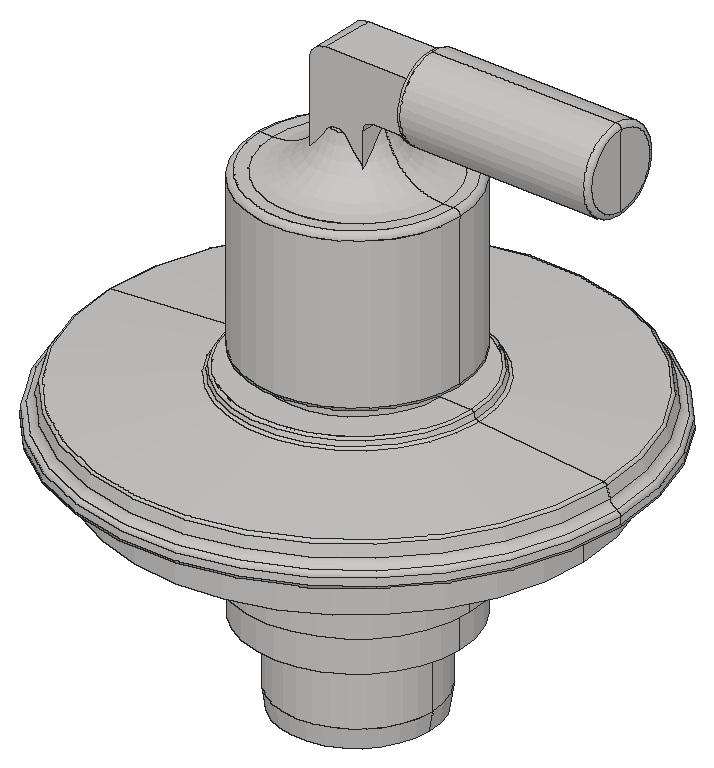
Revit family "fgt11948_bim", category Plumbing Fixtures, host Face, Revit 2014
Parameters (values of type "Standard")
  Width = 4 65/128"  # constant formula
  Vent Connection = no
  URL = ""
  Manufacturer = ""
  Faucet Material = Metal - Delta - Stainless-Steel
  Model = "fgt11948"  # constant formula
  Height = 3 7/16"  # constant formula
  Description = "Faucet"  # constant formula
  Depth = 4 33/64"  # constant formula
  Default Elevation = 0"
Reference planes (in)
  plane 1 "Center (Front/Back)": y = 0
  plane 2: z = 0
  plane 3 "Center (Left/Right)": x = 0
  plane 4: y = 2.25781
  plane 5: y = -2.25781
  plane 6: x = 10.125
  plane 7: x = -2.25391
  plane 8: x = 2.25391
  plane 9: z = 3.4375
Forms (in)
  Revolve 1, solid, material "Metal - Delta - Stainless-Steel" <- "Faucet Material"
    sketch origin (0, 0, 0) x (1, 0, 0) y (0, 0, 1)
      loop
        line (-1.93156, 0) -> (-1.75, 0) -> (-1.75, 0.59874) -> (0, 0.59874) -> (0, 2.74495) -> (-0.19968, 2.74495)
        arc (-0.19968, 2.74495) -> (-0.22407, 2.73609) -> (-0.23708, 2.71363) r 0.03799
        arc (-0.23708, 2.71363) -> (-0.40686, 2.42046) -> (-0.72526, 2.30473) r 0.49588
        line (-0.72526, 2.30473) -> (-0.82431, 2.30473)
        arc (-0.82431, 2.30473) -> (-0.85985, 2.29) -> (-0.87458, 2.25446) r 0.05026
        line (-0.87458, 2.25446) -> (-0.87458, 0.98268)
        arc (-0.87458, 0.98268) -> (-0.86647, 0.96311) -> (-0.8469, 0.955) r 0.02768
        line (-0.8469, 0.955) -> (-0.69886, 0.955) -> (-0.69886, 0.82) -> (-0.97001, 0.82)
        arc (-0.97001, 0.82) -> (-0.98488, 0.81538) -> (-0.99451, 0.80316) r 0.02625
        line (-0.99451, 0.80316) -> (-1.00849, 0.76674)
        arc (-1.00849, 0.76674) -> (-1.01821, 0.7541) -> (-1.03326, 0.74882) r 0.02797
        arc (-1.03326, 0.74882) -> (-1.565, 0.71472) -> (-2.0954, 0.66385) r 16.88153
        arc (-2.0954, 0.66385) -> (-2.11034, 0.65742) -> (-2.11918, 0.64376) r 0.02797
        line (-2.11918, 0.64376) -> (-2.1455, 0.55196)
        arc (-2.1455, 0.55196) -> (-2.16789, 0.51421) -> (-2.2059, 0.49228) r 0.08663
        arc (-2.2059, 0.49228) -> (-2.22925, 0.47728) -> (-2.23984, 0.45162) r 0.04635
        line (-2.23984, 0.45162) -> (-2.24506, 0.3919)
        arc (-2.24506, 0.3919) -> (-2.23985, 0.37653) -> (-2.225, 0.37) r 0.02014
        line (-2.225, 0.37) -> (-1.93156, 0.37) -> (-1.93156, 0)
      loop
        line (-0.52971, 0.53276) -> (-0.52971, -0.06141) -> (-0.49688, -0.10829) -> (-0.49688, -0.168) -> (-0.55699, -0.168) -> (-0.61838, -0.22939) -> (-0.61838, -0.39192)
        arc (-0.61838, -0.39192) -> (-0.64945, -0.46693) -> (-0.72447, -0.498) r 0.10608
        line (-0.72447, -0.498) -> (-0.95971, -0.498) -> (-0.95971, -0.728) -> (-0.87289, -0.728) -> (-0.87289, -1.04614) -> (-0.63965, -1.04614) -> (-0.63965, -1.596) -> (-0.61838, -1.755) -> (-0.45729, -1.755) -> (-0.45729, 0.53276) -> (-0.52971, 0.53276)
      axis (0, 2.74495) -> (0, -1.755)
    angle from 0 to 360
  Revolve 2, solid, material "Metal - Delta - Stainless-Steel" <- "Faucet Material"
    sketch origin (0, 0, 0) x (1, 0, 0) y (0, 0, 1)
      loop
        line (-0.56102, -1.91152) -> (-0.52123, -1.926) -> (-0.44527, -1.926) -> (-0.44527, -1.755) -> (-0.56102, -1.755) -> (-0.56102, -1.91152)
      axis (-0.44527, -1.755) -> (-0.44527, -1.926)
    angle from 0 to 360
  Extrusion 3, solid, material "Metal - Delta - Stainless-Steel" <- "Faucet Material"
    sketch origin (0, 0, 0) x (1, 0, 0) y (0, 0, 1)
      loop
        line (0.64235, 3.31295) -> (-0.08302, 3.31295)
        arc (-0.08302, 3.31295) -> (-0.18321, 3.27145) -> (-0.22471, 3.17126) r 0.14169
        line (-0.22471, 3.17126) -> (-0.22471, 2.4948) -> (0.23252, 2.4948) -> (0.23252, 2.79004)
        arc (0.23252, 2.79004) -> (0.25388, 2.8416) -> (0.30543, 2.86295) r 0.07291
        line (0.30543, 2.86295) -> (0.64235, 2.86295) -> (0.64235, 3.31295)
    from -0.22187 to 0.22813
  Revolve 4, solid, material "Metal - Delta - Stainless-Steel" <- "Faucet Material"
    sketch origin (0, 0, 0) x (1, 0, 0) y (0, 0, 1)
      loop
        arc (0.64366, 3.4375) -> (0.61512, 3.42568) -> (0.60329, 3.39713) r 0.04037
        line (0.60329, 3.39713) -> (0.60329, 3.08795) -> (2.24329, 3.08795) -> (2.24329, 3.3974)
        arc (2.24329, 3.3974) -> (2.23155, 3.42576) -> (2.20319, 3.4375) r 0.0401
        line (2.20319, 3.4375) -> (0.64366, 3.4375)
      axis (0.60329, 3.08795) -> (2.24329, 3.08795)
    angle from 0 to 360
Dimensions and locks (in)
  equal spacing: plane 4, plane 1 "Center (Front/Back)", plane 5
  "Depth": plane 4 to plane 5
  equal spacing: plane 7, plane 3 "Center (Left/Right)", plane 8
  "Width": plane 7 to plane 8
  "Height": plane 9 to plane 2
  aligned and locked: plane 2 to host face
  aligned and locked: level to host face
Automatic sketch dimensions
  host sketch curve to host sketch curve = 96"  (x2)
  Revolve 2 sketch curve to plane 3 "Center (Left/Right)" = 0.56102"
  Revolve 2 sketch curve to Revolve 2 sketch curve = 0.0398"
  Revolve 2 sketch curve to Revolve 2 sketch curve = 0.11575"
  Revolve 2 sketch curve to level = 1.926"
  Revolve 2 sketch curve to Revolve 2 sketch curve = 0.01448"
  Revolve 2 sketch curve to Revolve 2 sketch curve = 0.15652"
  Revolve 2 sketch curve to Revolve 2 sketch curve = 0"
  Revolve 2 sketch curve to Revolve 2 sketch curve = 0.04574"
  Revolve 2 sketch curve to Revolve 2 sketch curve = 0.03976"
  Extrusion 3 sketch curve to plane 3 "Center (Left/Right)" = 0.22471"
  Extrusion 3 sketch curve to plane 3 "Center (Left/Right)" = 0.08302"
  plane 3 "Center (Left/Right)" to Extrusion 3 sketch curve = 0.23252"
  Extrusion 3 sketch curve to Extrusion 3 sketch curve = 0.07291"
  Extrusion 3 sketch curve to Extrusion 3 sketch curve = 0.33692"
  Extrusion 3 sketch curve to plane 9 = 0.9427"
  Extrusion 3 sketch curve to Extrusion 3 sketch curve = 0.29525"
  Extrusion 3 sketch curve to plane 9 = 0.26624"
  Revolve 4 sketch curve to plane 9 = 0"
  Revolve 4 sketch curve to plane 9 = 0.04037"
  plane 3 "Center (Left/Right)" to Revolve 4 sketch curve = 0.60329"
  Revolve 4 sketch curve to plane 8 = 0.05071"
  Revolve 4 sketch curve to plane 8 = 0.01061"
  Revolve 4 sketch curve to Revolve 4 sketch curve = 0.30945"
  Revolve 4 sketch curve to plane 9 = 0.34955"  (x2)
  Revolve 4 sketch curve to Revolve 4 sketch curve = 0.36771"
  Revolve 4 sketch curve to Revolve 4 sketch curve = 0.14993"
  Revolve 1 sketch curve to level = 0"
  Revolve 1 sketch curve to plane 3 "Center (Left/Right)" = 0"  (x2)
  Revolve 1 sketch curve to plane 3 "Center (Left/Right)" = 0.19968"
  Revolve 1 sketch curve to plane 3 "Center (Left/Right)" = 7/32"
  Revolve 1 sketch curve to plane 3 "Center (Left/Right)" = 0.45729"
  Revolve 1 sketch curve to level = 0.10829"
  Revolve 1 sketch curve to plane 3 "Center (Left/Right)" = 0.49688"
  Revolve 1 sketch curve to level = 0.06141"
  Revolve 1 sketch curve to Revolve 1 sketch curve = 0.03283"
  Revolve 1 sketch curve to level = 0.168"
  Revolve 1 sketch curve to Revolve 1 sketch curve = 0.06012"
  Revolve 1 sketch curve to Revolve 1 sketch curve = 0.1611"
  Revolve 1 sketch curve to Revolve 1 sketch curve = 0.06139"  (x2)
  Revolve 1 sketch curve to plane 3 "Center (Left/Right)" = 0.63965"
  Revolve 1 sketch curve to Revolve 1 sketch curve = 0.16916"
  Revolve 1 sketch curve to Revolve 1 sketch curve = 0.10608"
  Revolve 1 sketch curve to Revolve 1 sketch curve = 0.52559"
  Revolve 1 sketch curve to Revolve 1 sketch curve = 0.09905"
  Revolve 1 sketch curve to Revolve 1 sketch curve = 0.14803"
  Revolve 1 sketch curve to Revolve 1 sketch curve = 0.23324"
  Revolve 1 sketch curve to Revolve 1 sketch curve = 0.05026"
  Revolve 1 sketch curve to Revolve 1 sketch curve = 0.08682"
  Revolve 1 sketch curve to Revolve 1 sketch curve = 0.12311"
  level to Revolve 1 sketch curve = 0.80316"
  Revolve 1 sketch curve to Revolve 1 sketch curve = 0.0245"
  Revolve 1 sketch curve to Revolve 1 sketch curve = 0.01398"
  Revolve 1 sketch curve to Revolve 1 sketch curve = 0.02612"
  plane 7 to Revolve 1 sketch curve = 129/256"
  Revolve 1 sketch curve to Revolve 1 sketch curve = 0.18156"
  plane 7 to Revolve 1 sketch curve = 0.16162"
  Revolve 1 sketch curve to Revolve 1 sketch curve = 0.02689"
  Revolve 1 sketch curve to Revolve 1 sketch curve = 0.02632"
  plane 7 to Revolve 1 sketch curve = 0.06024"
  plane 7 to Revolve 1 sketch curve = 0.02891"
  plane 7 to Revolve 1 sketch curve = 0.02514"
  plane 7 to Revolve 1 sketch curve = 0.01407"
  plane 7 to Revolve 1 sketch curve = 0.00884"
  Revolve 1 sketch curve to Revolve 1 sketch curve = 0.16253"
  Revolve 1 sketch curve to Revolve 1 sketch curve = 0.23"
  Revolve 1 sketch curve to Revolve 1 sketch curve = 0.31814"
  Revolve 1 sketch curve to Revolve 1 sketch curve = 0.54986"
  Revolve 1 sketch curve to Revolve 1 sketch curve = 0.159"
  Revolve 1 sketch curve to Revolve 1 sketch curve = 14.35805"
  Revolve 1 sketch curve to Revolve 1 sketch curve = 0.37"
  Revolve 1 sketch curve to Revolve 1 sketch curve = 0.02014"
  Revolve 1 sketch curve to Revolve 1 sketch curve = 0.05744"
  Revolve 1 sketch curve to Revolve 1 sketch curve = 0.00404"
  level to Revolve 1 sketch curve = 0.53276"
  Revolve 1 sketch curve to Revolve 1 sketch curve = 0.10438"
  Revolve 1 sketch curve to Revolve 1 sketch curve = 0.02388"
  Revolve 1 sketch curve to Revolve 1 sketch curve = 0.22874"
  Revolve 1 sketch curve to Revolve 1 sketch curve = 0.08409"
  Revolve 1 sketch curve to Revolve 1 sketch curve = 0.00771"
  Revolve 1 sketch curve to Revolve 1 sketch curve = 0.03642"
  Revolve 1 sketch curve to Revolve 1 sketch curve = 0.01003"
  Revolve 1 sketch curve to Revolve 1 sketch curve = 0.00941"
  Revolve 1 sketch curve to Revolve 1 sketch curve = 0.135"
  Revolve 1 sketch curve to plane 9 = 1.18304"
  Revolve 1 sketch curve to Revolve 1 sketch curve = 0.40224"
  Revolve 1 sketch curve to Revolve 1 sketch curve = 0.03799"
  Revolve 1 sketch curve to Revolve 1 sketch curve = 0.49588"
  Revolve 1 sketch curve to Revolve 1 sketch curve = 0"
  Revolve 1 sketch curve to Revolve 1 sketch curve = 0.45946"
  Revolve 1 sketch curve to Revolve 1 sketch curve = 0.61267"
